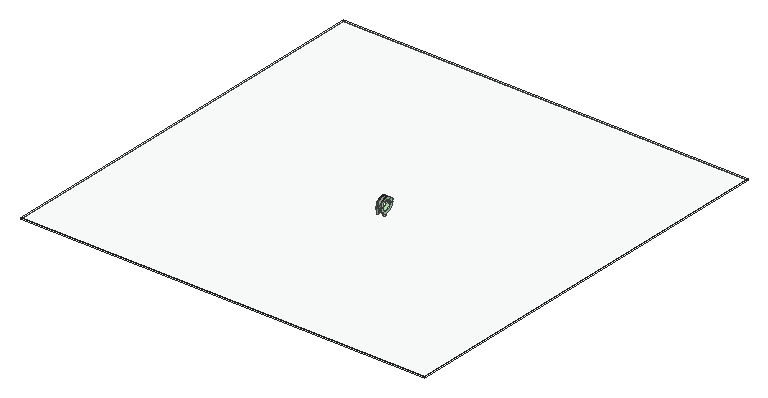
Revit family "HVAC_HangingSystems_Walraven_Bifix_5000_G2_(BUP1000)", category Mechanical Equipment, host Face, Revit 2016
Family settings
  Host = Face
  Part Type = Normal
  Round Connector Dimension = Use Diameter
  OmniClass Number = 23.60.30.11.17
  OmniClass Title = Pipework/Ductwork Mechanical Fasteners/Supports
  Cut with Voids When Loaded = No
  Shared = No
  Room Calculation Point = No
Parameters (values of type "std")
  top [instance] = no
  spacing [instance] = screwlength / 3  # 11.667 mm
  screwlength [instance] = size_lookup(lookup_table_name, "screwlength", 0 mm, product_index)  # 35 mm
  s_nut [instance] = Q1 / 2  # 8 mm
  s2 [instance] = ((H - Q1) - RSen_C_diameter) / 2  # 10 mm
  s1 [instance] = size_lookup(lookup_table_name, "s1", 0 mm, product_index)  # 1.25 mm
  rod_position [instance] = if(top, 0 mm, -Q1)  # -16 mm
  region_index = 1  # constant formula
  offset_nut2 [instance] = if(top, if(nut2, 0 mm, -s_nut), rod_position + s_nut)  # -8 mm
  offset_nut1 [instance] = if(top, if(nut2, rod_position + s_nut, rod_position), rod_position)  # -16 mm
  offset_hanger [instance] = if(and(DN2 > DN1, Large Cable), if(top, s_nut, -s_nut), 0 mm)  # 0 mm
  offset_rod [instance] = if(top, -1 mm, 1 mm)  # 1 mm
  nut2 [instance] = DN2 > DN1  # yes
  hanger_connection [instance] = if(top, H_calculated, H_calculated + Q1)  # 308.5 mm
  product_index [instance] = if(and(RSen_C_diameter > 199 mm, or(RSen_C_diameter = 200 mm, RSen_C_diameter < 201 mm)), 17, if(and(RSen_C_diameter > 159 mm, or(RSen_C_diameter = 160 mm, RSen_C_diameter < 161 mm)), 16, if(and(RSen_C_diameter > 134 mm, or(RSen_C_diameter = 135 mm, RSen_C_diameter < 136 mm)), 15, if(and(RSen_C_diameter > 124 mm, or(RSen_C_diameter = 125 mm, RSen_C_diameter < 126 mm)), 14, if(and(RSen_C_diameter > 109 mm, or(RSen_C_diameter = 110 mm, RSen_C_diameter < 111 mm)), 13, if(and(RSen_C_diameter > 89 mm, or(RSen_C_diameter = 90 mm, RSen_C_diameter < 91 mm)), 12, if(and(RSen_C_diameter > 77 mm, or(RSen_C_diameter = 78 mm, RSen_C_diameter < 79 mm)), 11, if(and(RSen_C_diameter > 74 mm, or(RSen_C_diameter = 75 mm, RSen_C_diameter < 76 mm)), 10, if(and(RSen_C_diameter > 62 mm, or(RSen_C_diameter = 63 mm, RSen_C_diameter < 64 mm)), 9, if(and(RSen_C_diameter > 57 mm, or(RSen_C_diameter = 58 mm, RSen_C_diameter < 59 mm)), 8, if(and(RSen_C_diameter > 55 mm, or(RSen_C_diameter = 56 mm, RSen_C_diameter < 57 mm)), 7, if(and(RSen_C_diameter > 49 mm, or(RSen_C_diameter = 50 mm, RSen_C_diameter < 51 mm)), 6, if(and(RSen_C_diameter > 39 mm, or(RSen_C_diameter = 40 mm, RSen_C_diameter < 41 mm)), 5, if(and(RSen_C_diameter > 31 mm, or(RSen_C_diameter = 32 mm, RSen_C_diameter < 33 mm)), 4, if(and(RSen_C_diameter > 24 mm, or(RSen_C_diameter = 25 mm, RSen_C_diameter < 26 mm)), 3, if(and(RSen_C_diameter > 19 mm, or(RSen_C_diameter = 20 mm, RSen_C_diameter < 21 mm)), 2, if(and(RSen_C_diameter > 15 mm, or(RSen_C_diameter = 16 mm, RSen_C_diameter < 17 mm)), 1, 0)))))))))))))))))  # 9
  position_nut [instance] = spacing + 2 * s1  # 14.167 mm
  hanger_diameter [instance] = OD - 2 * s1  # 80.5 mm
  desc_uk [instance] = if(product_index = 1, "Bifix 5000 G2 (BUP1000) Ø16mm", if(product_index = 2, "Bifix 5000 G2 (BUP1000) Ø20mm", if(product_index = 3, "Bifix 5000 G2 (BUP1000) Ø25mm", if(product_index = 4, "Bifix 5000 G2 (BUP1000) Ø32mm", if(product_index = 5, "Bifix 5000 G2 (BUP1000) Ø40mm", if(product_index = 6, "Bifix 5000 G2 (BUP1000) Ø50mm", if(product_index = 7, "Bifix 5000 G2 (BUP1000) Ø56mm", if(product_index = 8, "Bifix 5000 G2 (BUP1000) Ø58mm", if(product_index = 9, "Bifix 5000 G2 (BUP1000) Ø63mm", if(product_index = 10, "Bifix 5000 G2 (BUP1000) Ø75mm", if(product_index = 11, "Bifix 5000 G2 (BUP1000) Ø78mm", if(product_index = 12, "Bifix 5000 G2 (BUP1000) Ø90mm", if(product_index = 13, "Bifix 5000 G2 (BUP1000) Ø110mm", if(product_index = 14, "Bifix 5000 G2 (BUP1000) Ø125mm", if(product_index = 15, "Bifix 5000 G2 (BUP1000) Ø135mm", if(product_index = 16, "Bifix 5000 G2 (BUP1000) Ø160mm ", if(product_index = 17, "Bifix 5000 G2 (BUP1000) Ø200mm m", "0")))))))))))))))))  # "Bifix 5000 G2 (BUP1000) Ø63mm"
  desc_nl [instance] = if(product_index = 1, "Bifix 5000 G2 (BUP1000) Ø16mm", if(product_index = 2, "Bifix 5000 G2 (BUP1000) Ø20mm", if(product_index = 3, "Bifix 5000 G2 (BUP1000) Ø25mm", if(product_index = 4, "Bifix 5000 G2 (BUP1000) Ø32mm", if(product_index = 5, "Bifix 5000 G2 (BUP1000) Ø40mm", if(product_index = 6, "Bifix 5000 G2 (BUP1000) Ø50mm", if(product_index = 7, "Bifix 5000 G2 (BUP1000) Ø56mm", if(product_index = 8, "Bifix 5000 G2 (BUP1000) Ø58mm", if(product_index = 9, "Bifix 5000 G2 (BUP1000) Ø63mm", if(product_index = 10, "Bifix 5000 G2 (BUP1000) Ø75mm", if(product_index = 11, "Bifix 5000 G2 (BUP1000) Ø78mm", if(product_index = 12, "Bifix 5000 G2 (BUP1000) Ø90mm", if(product_index = 13, "Bifix 5000 G2 (BUP1000) Ø110mm", if(product_index = 14, "Bifix 5000 G2 (BUP1000) Ø125mm", if(product_index = 15, "Bifix 5000 G2 (BUP1000) Ø135mm", if(product_index = 16, "Bifix 5000 G2 (BUP1000) Ø160mm ", if(product_index = 17, "Bifix 5000 G2 (BUP1000) Ø200mm m", "0")))))))))))))))))  # "Bifix 5000 G2 (BUP1000) Ø63mm"
  bottom [instance] = not(top)  # yes
  Youtube clip = ""
  Weight Net (Kg) = "0"
  Uniformat II Description = ""
  Uniformat II Code = ""
  Uniclass 2015 Name = ""
  Uniclass 2015 Code = ""
  Uniclass 2.0 Description = ""
  Uniclass 2.0 Code = ""
  Uniclass 1.4 Description = ""
  Uniclass 1.4 Code = ""
  URL = "https://www.walraven.com/en/?pid=3564"
  UNSPSC Code = ""
  Technical description = "https://library.walraven.com/repository/rnd/documents/EN-UK/Bifix%C2%AE%205000%20G2%20(BUP1000)%20-%20A%2025%2009%20(EN-UK).pdf"
  Small Cable [instance] = not(Large Cable)  # yes
  Ro [instance] = OD / 2  # 41.5 mm
  Region South America = "None"
  Region Oceania = "AU"
  Region North America = "US"
  Region Middle East = "AE, OM, QA, SA"
  Region Europe = "BE, CZ, DE, DK, ES, FR, GB, HR, HU, LT, LV, NL, PL, RO, RU, SE, SK, UA"
  Region Asia = "CN, IN"
  Region Antarctica = "None"
  Region Africa = "ZA"
  RSen_C_noise_attenuation_norm = "sound insulating lining according to DIN 4109"  # constant formula
  QR code = "http://bimobject.com/walraven/product/bifix-5000-g2-bup1000"
  Q1 [instance] = 16 mm  # constant formula
  lookup_table_name [instance] = "Bifix 5000 G2 (BUP1000)"  # constant formula
  center [instance] = RSen_C_diameter / 2  # 31.5 mm
  W2 [instance] = (W - Ro * 2) / 2  # 13 mm
  W1 [instance] = (W - Ro * 2) / 2  # 13 mm
  RSen_S_max_allowed_load [instance] = size_lookup(lookup_table_name, "load", 0 mm, product_index) / 1 mm  # 600
  RSen_S_net_weight [instance] = size_lookup(lookup_table_name, "weight", 0, product_index) * 1.00 kg  # 0.12 kg
  RSen_C_product_description [instance] = if(region_index = 1, desc_uk, if(region_index = 2, desc_nl, "0"))  # "Bifix 5000 G2 (BUP1000) Ø63mm"
  RSen_C_level_of_development = "LOD400"  # constant formula
  RSen_C_material_colour = "grey+green"  # constant formula
  RSen_C_material_finish = "BIS UltraProtect® 1000"  # constant formula
  RSen_C_material_01 = EPDM
  RSen_C_material = steel
  RSen_C_size_range = "Ø16-200mm"  # constant formula
  RSen_C_height [instance] = H  # 99 mm
  RSen_C_content_releasedate = "24-01-2019"  # constant formula
  RSen_C_content_modification_date = "04-02-2019"  # constant formula
  RSen_C_content_creator = "Itannex bv"  # constant formula
  RSen_C_code_gtin [instance] = ""
  RSen_C_code_manufacturer_product [instance] = if(product_index = 1, "3188016", if(product_index = 2, "3188020", if(product_index = 3, "3188025", if(product_index = 4, "3188032", if(product_index = 5, "3188040", if(product_index = 6, "3188050", if(product_index = 7, "3188056", if(product_index = 8, "3188058", if(product_index = 9, "3188063", if(product_index = 10, "3188075", if(product_index = 11, "3188078", if(product_index = 12, "3188090", if(product_index = 13, "3188110", if(product_index = 14, "3188125", if(product_index = 15, "3188135", if(product_index = 16, "3188160", "3188200"))))))))))))))))  # "3188063"
  RSen_C_code_manufacturer_gln = ""
  RSen_C_code_ETIM_url = "https://prod.etim-international.com/Class/Details?classId=EC010049&classVersion=5"
  RSen_C_code_ETIM = "EC010049"  # constant formula
  SW [instance] = size_lookup(lookup_table_name, "SW", 0 mm, product_index)  # 13 mm
  RSen_C_intended_use = "hanging systems"  # constant formula
  RSen_C_certificates = "N/A"  # constant formula
  RSen_C_width [instance] = B1  # 28 mm
  Product url = "https://www.walraven.com/en/?pid=3564"
  Product group = "Standard Clamps"
  Product family = "Pipe Fixing"
  Product data url = "https://bimobject.com/walraven/product/bifix-5000-g2-bup1000"
  Product certification = ""
  Product SKU = "bifix-5000-g2-bup1000"
  Product Guid = "c1bfab4b-1c46-42d3-b4e1-9ed86fbf42e8"
  OmniClass Description = "Mechanical Pipe Supports"
  OmniClass Code = "23-27 43 13"
  Nominal width = 0 mm
  Nominal height = 0 mm
  NBS Reference Description = ""
  NBS Reference Code = ""
  Material secondary = ""
  Material main = "Steel"
  Masterformat 2014 Description = ""
  Masterformat 2014 Code = ""
  Manufacturer name = "Walraven"
  Manufacturer country = "Czech Republic"
  M [instance] = size_lookup(lookup_table_name, "M", 0 mm, product_index)  # 6 mm
  Large Cable [instance] = no
  Installation instructions = ""
  IFC Classification = "Mechanical Fastener"
  H [instance] = size_lookup(lookup_table_name, "H", 0 mm, product_index)  # 99 mm
  GTIN code = ""
  Edition number = 0
  Design country = "Netherlands"
  Date of publishing = ""
  DN2 [instance] = size_lookup(lookup_table_name, "DN2", 0 mm, product_index)  # 10 mm
  DN1 [instance] = size_lookup(lookup_table_name, "DN1", 0 mm, product_index)  # 8 mm
  H_calculated [instance] = if(top, 350 mm + OD / 2, 350 mm - OD / 2 - Q1)  # 292.5 mm
  H1 [instance] = size_lookup(lookup_table_name, "H1", 0 mm, product_index)  # 54 mm
  D rod [instance] = if(Large Cable, DN2, DN1)  # 8 mm
  D [instance] = if(RSen_C_diameter < D_min, D_min, if(RSen_C_diameter > D_max, D_max, RSen_C_diameter))  # 63 mm
  COBIe Type Category = ""
  Brand url = "https://www.walraven.com"
  BIMobject main category code = "hvac"
  BIMobject main category = "HVAC"
  BIMobject category code = "hvac-hanging-systems"
  BIMobject category = "Hanging Systems"
  B [instance] = size_lookup(lookup_table_name, "B", 0 mm, product_index)  # 20 mm
  Type Comments = ""
  OD [instance] = H - Q1  # 83 mm
  RSen_C_diameter [instance] = 63 mm
  Model = "Bifix 5000 G2 (BUP1000)"  # constant formula
  Manufacturer = "Walraven"  # constant formula
  IfcExportType = Description  # "two-screw clamp with lining"
  IfcExportAs = "IfcMechanicalFastenerType"  # constant formula
  IfcDescription = "USERDEFINED"  # constant formula
  Description = "two-screw clamp with lining"  # constant formula
  Default Elevation = 1219.2 mm
  D_min [instance] = size_lookup(lookup_table_name, "D_min", 0 mm, product_index)  # 63 mm
  D_max [instance] = size_lookup(lookup_table_name, "D_max", 0 mm, product_index)  # 63 mm
  W [instance] = size_lookup(lookup_table_name, "W", 0 mm, product_index)  # 109 mm
  B1 [instance] = B + 8 mm  # 28 mm
  Assembly Code = "50"
Reference planes
  plane 1 "Center (Front/Back)": y = 0
  plane 2: z = 0
  plane 3 "Center (Left/Right)": x = 0
  plane 4: z = -31.5
  plane 5: x = 10
  plane 6: x = -10
  plane 7: y = 54.5
  plane 8: y = -54.5
  plane 9 "hexnut": z = -89
  plane 10: z = -73
  plane 11: z = -25.667
  plane 12: z = -37.333
  plane 13: y = -41.5
  plane 14: y = 41.5
  plane 15: y = -48
  plane 16: y = 48
  plane 17: z = -381.5
  plane 18 "top screw plane": z = -24.417
  plane 19 "bottom screw plane": z = -38.583
  plane 20 "Hanger": z = -73
  plane 21: x = -14
  plane 22: x = 14
Forms (mm)
  Extrusion 1, solid, material "Glass"
    sketch origin (0, 0, 0) x (1, 0, 0) y (0, 1, 0)
      loop
        line (-1219.2, 1219.2) -> (-1219.2, -1219.2) -> (1219.2, -1219.2) -> (1219.2, 1219.2) -> (-1219.2, 1219.2)
    from 0 to -10
  Extrusion 2, solid, material "steel" <- "RSen_C_material", detail levels medium+fine
    sketch origin (0, 0, 0) x (0, 1, 0) y (0, 0, 1)
      loop
        line (39.825, -25.667) -> (54.5, -25.667) -> (54.5, -24.417) -> (40.891, -24.417)
        arc (40.891, -24.417) -> (0, 10) -> (-40.891, -24.417) r 41.5
        line (-40.891, -24.417) -> (-54.5, -24.417) -> (-54.5, -25.667) -> (-39.825, -25.667)
        arc (-39.825, -25.667) -> (0, 8.75) -> (39.825, -25.667) r 40.25
      loop
        line (-39.825, -37.333) -> (-54.5, -37.333) -> (-54.5, -38.583) -> (-40.891, -38.583)
        arc (-40.891, -38.583) -> (0, -73) -> (40.891, -38.583) r 41.5
        line (40.891, -38.583) -> (54.5, -38.583) -> (54.5, -37.333) -> (39.825, -37.333)
        arc (39.825, -37.333) -> (0, -71.75) -> (-39.825, -37.333) r 40.25
    from -10 to 10
  Extrusion 3, solid, material "steel" <- "RSen_C_material", detail levels medium+fine
    sketch origin (-50.098, -4572, -73) x (-1, 0, 0) y (0, -1, 0)
      loop
        circle (-50.098, -4572) r 4
    from 0 <- "offset_hanger" to 1 <- "offset_rod"
  Extrusion 4, solid, material "EPDM" <- "RSen_C_material_01", detail levels medium+fine
    sketch origin (0, 0, 0) x (0, 1, 0) y (0, 0, 1)
      loop
        arc (39.825, -25.667) -> (0, 8.75) -> (-39.825, -25.667) r 40.25
        line (-39.825, -25.667) -> (-30.955, -25.667)
        arc (-30.955, -25.667) -> (0, 0) -> (30.955, -25.667) r 31.5
        line (30.955, -25.667) -> (39.825, -25.667)
      loop
        line (39.825, -37.333) -> (30.955, -37.333)
        arc (30.955, -37.333) -> (0, -63) -> (-30.955, -37.333) r 31.5
        line (-30.955, -37.333) -> (-39.825, -37.333)
        arc (-39.825, -37.333) -> (0, -71.75) -> (39.825, -37.333) r 40.25
    from -10 to 10
  Extrusion 5, solid, material "EPDM" <- "RSen_C_material_01", detail levels medium+fine
    sketch origin (0, 0, 0) x (0, 1, 0) y (0, 0, 1)
      loop
        arc (41.088, -25.667) -> (0, 10) -> (-41.088, -25.667) r 41.5
        line (-41.088, -25.667) -> (-30.955, -25.667)
        arc (-30.955, -25.667) -> (0, 0) -> (30.955, -25.667) r 31.5
        line (30.955, -25.667) -> (41.088, -25.667)
      loop
        line (41.088, -37.333) -> (30.955, -37.333)
        arc (30.955, -37.333) -> (0, -63) -> (-30.955, -37.333) r 31.5
        line (-30.955, -37.333) -> (-41.088, -37.333)
        arc (-41.088, -37.333) -> (0, -73) -> (41.088, -37.333) r 41.5
    from -14 to -10
  Extrusion 6, solid, material "EPDM" <- "RSen_C_material_01", detail levels medium+fine
    sketch origin (40, 0, 0) x (0, 1, 0) y (0, 0, 1)
      loop
        arc (41.088, -25.667) -> (0, 10) -> (-41.088, -25.667) r 41.5
        line (-41.088, -25.667) -> (-30.955, -25.667)
        arc (-30.955, -25.667) -> (0, 0) -> (30.955, -25.667) r 31.5
        line (30.955, -25.667) -> (41.088, -25.667)
      loop
        line (41.088, -37.333) -> (30.955, -37.333)
        arc (30.955, -37.333) -> (0, -63) -> (-30.955, -37.333) r 31.5
        line (-30.955, -37.333) -> (-41.088, -37.333)
        arc (-41.088, -37.333) -> (0, -73) -> (41.088, -37.333) r 41.5
    from -30 to -26
Cuts and joins
  joined: Extrusion 4, Extrusion 5, Extrusion 6
Lines and regions (mm)
  model lines, style "Equipment", detail levels coarse
    curve 1: circle (0, 0, -31.5) r 41.5 normal (1, 0, 0)
Dimensions and locks
  "center": level to plane 4
  equal spacing: plane 6, plane 3 "Center (Left/Right)", plane 5
  "B": plane 6 to plane 5
  equal spacing: plane 12, plane 4, plane 11
  "spacing": plane 12 to plane 11
  "s1": plane 11 to Extrusion 2 sketch curve  (x2)
  "s1": plane 12 to Extrusion 2 sketch curve  (x2)
  equal spacing: plane 14, plane 1 "Center (Front/Back)", plane 13
  "OD": plane 14 to plane 13
  equal spacing: plane 13, plane 15, plane 8
  equal spacing: plane 7, plane 16, plane 14
  curve 1 to plane 1 "Center (Front/Back)" = 0 mm
  curve 1 to plane 4 = 0 mm
  "W1": plane 8 to plane 13
  "W2": plane 14 to plane 7
  "Q1": plane 9 "hexnut" to plane 10
  locked: plane 17 to plane 4 at 350
  "s1": plane 11 to plane 18 "top screw plane"
  "H_calculated": plane 17 to plane 9 "hexnut"
  "s1": plane 12 to plane 19 "bottom screw plane"
  "hanger_connection": plane 20 "Hanger" to plane 17
  equal spacing: plane 21, plane 3 "Center (Left/Right)", plane 22
  "B1": plane 21 to plane 22
  "hanger_diameter": diameter of Extrusion 2 sketch curve  (x2)
  "OD": diameter of Extrusion 2 sketch curve  (x2)
  "OD": diameter of curve 1
  "D rod": diameter of Extrusion 3 sketch curve
  "hanger_diameter": diameter of Extrusion 4 sketch curve  (x2)
  "D": diameter of Extrusion 4 sketch curve  (x2)
  "OD": diameter of Extrusion 5 sketch curve  (x2)
  "D": diameter of Extrusion 5 sketch curve  (x2)
  "OD": diameter of Extrusion 6 sketch curve  (x2)
  "D": diameter of Extrusion 6 sketch curve  (x2)
  aligned and locked: plane 2 to Extrusion 1
  aligned and locked: level to Extrusion 1
  aligned and locked: plane 11 to Extrusion 2 sketch curve
  aligned and locked: Extrusion 2 sketch curve to plane 8
  aligned and locked: Extrusion 2 sketch curve to plane 11
  aligned and locked: plane 7 to Extrusion 2 sketch curve  (x2)
  aligned and locked: Extrusion 2 sketch curve to plane 12  (x2)
  aligned and locked: plane 8 to Extrusion 2 sketch curve
  aligned and locked: plane 6 to Extrusion 2
  aligned and locked: plane 5 to Extrusion 2
  aligned and locked: plane 3 "Center (Left/Right)" to nested 2
  aligned and locked: plane 15 to nested 2
  aligned and locked: nested 1 to plane 16
  aligned and locked: plane 3 "Center (Left/Right)" to nested 1
  aligned and locked: plane 1 "Center (Front/Back)" to nested 3
  aligned and locked: plane 3 "Center (Left/Right)" to nested 3
  aligned and locked: nested 4 to plane 15
  aligned and locked: plane 16 to nested 5
  aligned and locked: plane 11 to Extrusion 4 sketch curve
  aligned and locked: Extrusion 4 sketch curve to plane 11
  aligned and locked: Extrusion 4 sketch curve to plane 12
  aligned and locked: plane 12 to Extrusion 4 sketch curve
  aligned and locked: plane 6 to Extrusion 4
  aligned and locked: plane 5 to Extrusion 4
  aligned and locked: plane 11 to Extrusion 5 sketch curve
  aligned and locked: Extrusion 5 sketch curve to plane 11
  aligned and locked: plane 12 to Extrusion 5 sketch curve
  aligned and locked: Extrusion 5 sketch curve to plane 12
  aligned and locked: Extrusion 5 to plane 21
  aligned and locked: Extrusion 5 to plane 6
  aligned and locked: Extrusion 6 to plane 5
  aligned and locked: Extrusion 6 to plane 22
Automatic sketch dimensions
  Extrusion 1 sketch curve to Extrusion 1 sketch curve = 2438.4 mm  (x2)
  plane 4 to curve 1 = 0 mm
  Extrusion 2 sketch curve to Extrusion 2 sketch curve = 0 mm  (x6)
  Extrusion 2 sketch curve to plane 1 "Center (Front/Back)" = 0 mm
  plane 4 to Extrusion 2 sketch curve = 0 mm
  plane 1 "Center (Front/Back)" to Extrusion 3 sketch curve = 0 mm
  Extrusion 3 sketch curve to plane 3 "Center (Left/Right)" = 0 mm
  Extrusion 4 sketch curve to Extrusion 4 sketch curve = 0 mm  (x6)
  Extrusion 4 sketch curve to plane 1 "Center (Front/Back)" = 0 mm
  plane 4 to Extrusion 4 sketch curve = 0 mm
  Extrusion 5 sketch curve to Extrusion 5 sketch curve = 0 mm  (x6)
  Extrusion 5 sketch curve to plane 1 "Center (Front/Back)" = 0 mm
  plane 4 to Extrusion 5 sketch curve = 0 mm
  Extrusion 6 sketch curve to Extrusion 6 sketch curve = 0 mm  (x6)
  Extrusion 6 sketch curve to plane 12 = 0 mm  (x2)
  plane 11 to Extrusion 6 sketch curve = 0 mm  (x2)
  Extrusion 6 sketch curve to plane 1 "Center (Front/Back)" = 0 mm
  plane 4 to Extrusion 6 sketch curve = 0 mm
Nested families
  nested 1: "NLRS_50_ME_ST_M6_GEN" at (0, 48, -24.417), visible <- "bottom", RSen_C_length <- "screwlength", type "std"
    with item_description "", catalog_code "", RSen_C_length 35 mm, IsCustom no
  nested 2: "NLRS_50_ME_ST_M6_GEN" at (0, -48, -24.417), visible <- "bottom", RSen_C_length <- "screwlength", type "std"
    with item_description "", catalog_code "", RSen_C_length 35 mm, IsCustom no
  nested 3: "NLRS_50_ME_ST_moer M8 M10_GEN" at (0, 0, -89), D <- "DN2", SW1 <- "SW", s <- "s_nut", built-in parameter 1001364 <- "offset_nut1", type "std"
    with s 8 mm, item_description "", catalog_code "", SW1 13 mm, IsCustom no, D 10 mm
  nested 4: "NLRS_50_ME_ST_M6_GEN" at (0, -48, -38.583) x (1, 0, 0) z (0, 0, -1), visible <- "top", RSen_C_length <- "screwlength", type "std"
    with item_description "", catalog_code "", RSen_C_length 35 mm, IsCustom no
  nested 5: "NLRS_50_ME_ST_M6_GEN" at (0, 48, -38.583) x (1, 0, 0) z (0, 0, -1), visible <- "top", RSen_C_length <- "screwlength", type "std"
    with item_description "", catalog_code "", RSen_C_length 35 mm, IsCustom no
  nested 6: "NLRS_50_ME_ST_moer M8 M10_GEN" at (0, 0, -81), D <- "DN1", SW1 <- "SW", s <- "s_nut", visible <- "nut2", built-in parameter 1001364 <- "offset_nut2", type "std"
    with s 8 mm, item_description "", catalog_code "", SW1 13 mm, IsCustom no, D 8 mm
Definition of nested family "NLRS_50_ME_ST_M6_GEN"
  Parameters (values of type "std")
    type_index = 1  # constant formula
    item_description [instance] = ""
    catalog_code [instance] = ""
    RSen_C_material = none
    RSen_C_length [instance] = 30 mm
    Model = "M6"  # constant formula
    Manufacturer = "-"  # constant formula
    IsCustom [instance] = 0 = 1  # no
    IfcExportType = "USERDEFINED"  # constant formula
    IfcExportAs = "IfcMechanicalFastenerType"  # constant formula
    IfcDescription = Description  # "Hollow pan head screw"
    Description = "Hollow pan head screw"  # constant formula
    Default Elevation = 1219.2 mm
  Reference planes
    plane 1 "Center (Front/Back)": y = 0
    plane 2: z = 0
    plane 3 "Center (Left/Right)": x = 0
  Forms (mm)
    Revolve 1, solid, material <- "RSen_C_material", detail levels medium+fine
      sketch origin (0, 0, 0) x (1, 0, 0) y (0, 0, 1)
        loop
          line (0, -30) -> (3, -30) -> (3, 0) -> (6, 0) -> (6, 0.856)
          arc (6, 0.856) -> (5.196, 2.796) -> (3.256, 3.6) r 2.744
          line (3.256, 3.6) -> (0, 3.6) -> (0, -30)
        axis (0, 3.6) -> (0, -30)
      angle from 0 to 360
  Dimensions and locks
    locked: Revolve 1 sketch curve to level at 3.6
    locked: Revolve 1 sketch curve to level at 0.856
    "RSen_C_length": level to Revolve 1 sketch curve
    aligned and locked: level to plane 2
  Automatic sketch dimensions
    Revolve 1 sketch curve to plane 3 "Center (Left/Right)" = 0 mm  (x2)
    Revolve 1 sketch curve to level = 0 mm
    plane 3 "Center (Left/Right)" to Revolve 1 sketch curve = 3 mm
    Revolve 1 sketch curve to Revolve 1 sketch curve = 0.256 mm
    Revolve 1 sketch curve to Revolve 1 sketch curve = 3.297 mm
    Revolve 1 sketch curve to Revolve 1 sketch curve = 3.103 mm
Definition of nested family "NLRS_50_ME_ST_moer M8 M10_GEN"
  Parameters (values of type "std")
    type_index = 1  # constant formula
    s [instance] = 8 mm
    item_description [instance] = ""
    catalog_code [instance] = ""
    SW1 [instance] = 13 mm
    RSen_C_material = none
    Model = "-"  # constant formula
    Manufacturer = "-"  # constant formula
    IsCustom [instance] = 0 = 1  # no
    IfcExportType = "USERDEFINED"  # constant formula
    IfcExportAs = "IfcMechanicalFastenerType"  # constant formula
    IfcDescription = Description  # "Hex nut"
    Description = "Hex nut"  # constant formula
    Default Elevation = 1219.2 mm
    D [instance] = 8 mm
  Reference planes
    plane 1 "Center (Front/Back)": y = 0
    plane 2: z = 0
    plane 3 "Center (Left/Right)": x = 0
    plane 4: through (-25.791, 44.671, 1200) normal (0.866, 0.5, 0)
    plane 5: through (25.791, 44.671, 1200) normal (0.866, -0.5, 0)
  Forms (mm)
    Extrusion 1, solid, material <- "RSen_C_material", detail levels medium+fine
      sketch origin (0, 0, 0) x (1, 0, 0) y (0, 1, 0)
        loop
          circle (0, 0) r 4
        loop
          line (7.506, 0) -> (3.753, 6.5) -> (-3.753, 6.5) -> (-7.506, 0) -> (-3.753, -6.5) -> (3.753, -6.5) -> (7.506, 0)
      from 0 to 8 <- "s"
  Lines and regions (mm)
    model lines, detail levels coarse
      curve 1: line (0, 0, 0) -> (0, 0, 8)
  Dimensions and locks
    locked: Extrusion 1 sketch curve to plane 3 "Center (Left/Right)"
    locked: Extrusion 1 sketch curve to plane 1 "Center (Front/Back)"
    equal spacing: Extrusion 1 sketch curve, plane 5, Extrusion 1 sketch curve
    equal spacing: Extrusion 1 sketch curve, plane 4, Extrusion 1 sketch curve
    equal spacing: Extrusion 1 sketch curve, plane 1 "Center (Front/Back)", Extrusion 1 sketch curve
    "SW1": Extrusion 1 sketch curve to Extrusion 1 sketch curve  (x3)
    "s": curve 1 to level
    "D": diameter of Extrusion 1 sketch curve
    aligned and locked: level to plane 2
    aligned and locked: Extrusion 1 to level
    aligned and locked: level to curve 1
    aligned and locked: plane 3 "Center (Left/Right)" to curve 1
